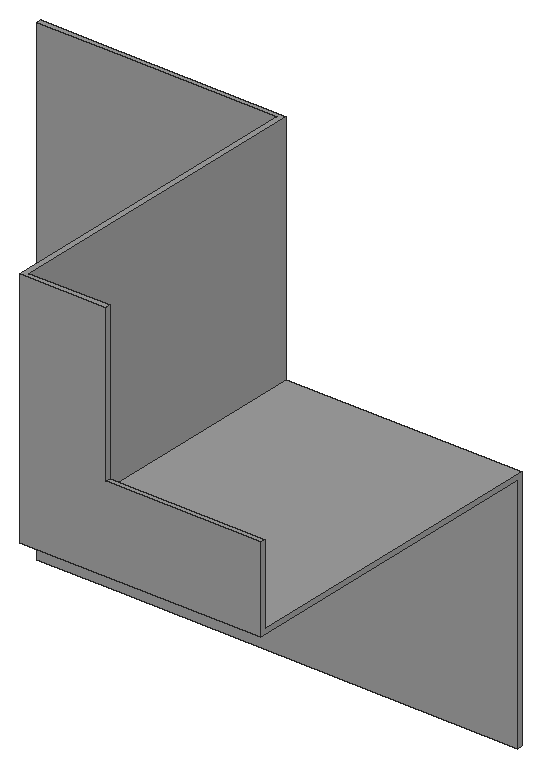
Revit family "cdfc6509-ffd5-408c-a30a-6628243bb800", category Generic Models, Revit 2012
Parameters (values of type "As Specified")
  Unit Width = 0' - 7 1/8"
  Unit Height = 0' - 3"
  Unit Depth = 0' - 6"
  URL = "http://www.hyload.com/"
  Thickness = 0' - 0 1/16"
  Specification = "http://www.arcat.com/sdspecs/htm04/07_65_00hyl.htm"
  Sales Information = "http://www.hyload.com/contact-us"
  Revision = "R1_12-2015"
  Product Properties = "http://www.hyload.com/masonry-flashing/preformed-shapes/"
  Product Data = "http://www.arcat.com/arcatcos/cos33/arc33176.html"
  Model = "Type W3"
  Manufacturer Website = "http://www.hyload.com/"
  Manufacturer Phone - Toll Free = "800-457-4056"
  Manufacturer Phone = "330-769-3546"
  Manufacturer Fax = "330-769-4153"
  Manufacturer Address = "5020 Panther Pkwy., Seville, OH 44273"
  Manufacturer = "Hyload"
  Keynote = "07 65 00"
  Flashing Material = Hyload Flashing Membrane - Grey
  Drawn By = "Robert S. Weygant / Sumex Design"
  Description = "Preformed Hyload Masonry Flashing - Type W3"
  Copyright = "(c) ARCAT, Inc, 2015"
  Construction Details = "http://www.arcat.com/details/hyload/hyload.html?coid=33176"
  Assembly Code = "B3010400"
Reference planes (in)
  plane 1 "Center (Front/Back)": y = 0
  plane 2: z = 0
  plane 3 "Center (Left/Right)": x = 0
  plane 4: x = 3
  plane 5: z = 3
  plane 6: y = -4
  plane 7: z = 6
Forms (in)
  Sweep 1, solid, material "Hyload Flashing Membrane - Grey" <- "Flashing Material"
    path origin (0, 0, 0) x (1, 0, 0) y (0, 0, 1)
      loop
        line (3, 3) -> (0, 3) -> (0, 6)
    profile origin (1.5, 0, 3) x (0, 0, -1) y (0, -1, 0)
      loop
        line (0, 0) -> (0, 4) -> (-1.0625, 4) -> (-1.0625, 3.9375) -> (-0.0625, 3.9375) -> (-0.0625, -0.0625) -> (3, -0.0625) -> (3, 0) -> (0, 0)
  Extrusion 2, solid, material "Hyload Flashing Membrane - Grey" <- "Flashing Material"
    sketch origin (0, 0, 0) x (1, 0, 0) y (0, 0, 1)
      loop
        line (-2, 6) -> (-3, 6) -> (-3, 0) -> (-2, 0) -> (-2, 6)
    from -0.0625 to 0
Cuts and joins
  joined: Sweep 1, Extrusion 2
Dimensions and locks (in)
  "Unit Height": plane 5 to level
  plane 1 "Center (Front/Back)" to plane 6 = 0' - 4"
  plane 7 to level = 0' - 6"
  plane 4 to plane 3 "Center (Left/Right)" = 0' - 3"
  aligned and locked: plane 2 to level
  aligned and locked: plane 3 "Center (Left/Right)" to Sweep 1 sketch curve
  aligned and locked: plane 5 to Sweep 1 sketch curve  (x2)
  aligned and locked: Sweep 1 sketch curve to plane 6
  aligned and locked: Sweep 1 sketch curve to level
  aligned and locked: plane 7 to Sweep 1 sketch curve
  aligned and locked: Extrusion 2 sketch curve to plane 7
  aligned and locked: Sweep 1 to Extrusion 2 sketch curve
  aligned and locked: Extrusion 2 sketch curve to Sweep 1
  aligned and locked: Sweep 1 to Extrusion 2
  aligned and locked: plane 1 "Center (Front/Back)" to Extrusion 2
Automatic sketch dimensions
  profile plane to Sweep 1 sketch curve = 0' - 1 1/16"
  profile plane to Sweep 1 sketch curve = 0' - 0 1/16"
  Sweep 1 sketch curve to Sweep 1 sketch curve = 0' - 0 1/16"  (x2)
  Sweep 1 sketch curve to plane 1 "Center (Front/Back)" = 0' - 0"
  Sweep 1 sketch curve to plane 4 = 0' - 0"
  Extrusion 2 sketch curve to plane 3 "Center (Left/Right)" = 0' - 2"
